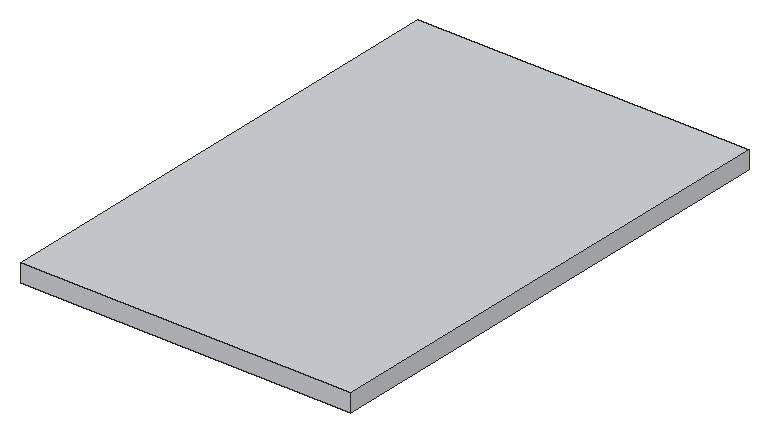
Revit family "RUFO2 360xWSxZ0250xx", category Leuchten, Revit 2020
Family settings
  Basisbauteil = Fläche
  Bemaßung runder Anschluss = Durchmesser verwenden
  Teiletyp = Normal
  OmniClass-Nummer = 23.80.70.11
  OmniClass-Titel = Luminaries for Internal Lighting
  Beim Laden mit Abzugskörper schneiden = Nein
  Lichtquelle = Ja
  Gemeinsam genutzt = Nein
  Raumberechnungspunkt = Nein
Parameters (values of type "RUFO2 360NDWS830Z0250-IK-2K")
  width = 360 mm  # constant formula
  weight = "1,5 kg"
  voltage type (AC, DC, UC) = "AC"
  rated input power = 17  # constant formula
  product name = "RUFO2 360NDWS830Z0250-IK-2K"
  nominal voltage = "230"
  nominal frequency = "50-60Hz"
  length = 360 mm  # constant formula
  ingress protection (IP) code = "IP40"
  height = 70 mm  # constant formula
  electrical safety class = "1"
  control gear = ""
  conformity mark = "CE"  # constant formula
  brand = "RIDI"
  approval mark = ""
  built-in parameter 1150104 = 13.8 (stored number, unit not read)
  Wattage = 15.6858 W
  Von Kreisdurchmesser aussenden = 360 mm
  Default Elevation = 0 mm
  built-in parameter 1150113 = 1 (stored number, unit not read)
  built-in parameter 1114218 = 1 (stored number, unit not read)
  URL = "www.ridi.de"
  built-in parameter 1150134 = (empty or 0)
  built-in parameter 1150109 = 1 (stored number, unit not read)
  built-in parameter 1150110 = 1 (stored number, unit not read)
  Apparent Load = 17 VA  # constant formula
  Tilt Angle = 90.00°
  Modell = "0420886"
  built-in parameter 1114217 = 1 (stored number, unit not read)
  built-in parameter 1150139 = (empty or 0)
  built-in parameter 1150105 = 185.42 (stored number, unit not read)
  built-in parameter 1150114 = 1 (stored number, unit not read)
  Lumens = 2330 lm
  built-in parameter 1150115 = 1 (stored number, unit not read)
  built-in parameter 1150112 = 1 (stored number, unit not read)
  Lampe = "LED"
  Hersteller = "RIDI Leuchten GmbH"  # constant formula
  Dimming Lamp Color Temperature Shift = (empty or 0)
  Color Filter = 16777215
  built-in parameter 1150133 = 10 (stored number, unit not read)
  Emit Shape Visible in Rendering = no
  built-in parameter 1150137 = (empty or 0)
  built-in parameter 1150132 = 2
  Datei für fotometrisches Netz = "RUFO2_360_Z.IES"
  Copyright = "© RIDI. All rights reserved."  # constant formula
  built-in parameter 1150106 = 1.8542 (stored number, unit not read)
  Baugruppenkennzeichen = "D5020200"
  built-in parameter 1150107 = 3000 (stored number, unit not read)
  built-in parameter 1150102 = (empty or 0)
  built-in parameter 1150138 = (empty or 0)
Types (19, lengths in mm): name | weight | product name | Wattage | built-in parameter 1150134 | Modell | built-in parameter 1150105 | Lumens | built-in parameter 1150106 | built-in parameter 1150107
  (no name) | "1,5 kg" | "RUFO2 360NDWS830Z0250-IK-2K" | 15.6858 W | (empty or 0) | "0420886" | 185.42 (stored number, unit not read) | 2330 lm | 1.8542 (stored number, unit not read) | 3000 (stored number, unit not read)
  RUFO2 360NDWS840Z0250 | "1,4 kg" | "RUFO2 360NDWS840Z0250" | 16.359 W | 12 | "0420867" | 193.37 (stored number, unit not read) | 2430 lm | 1.9337 (stored number, unit not read) | 4000 (stored number, unit not read)
  RUFO2 360NDWS840Z0250-RS | "1,45 kg" | "RUFO2 360NDWS840Z0250-RS" | 16.359 W | 12 | "0420867//396" | 193.37 (stored number, unit not read) | 2430 lm | 1.9337 (stored number, unit not read) | 4000 (stored number, unit not read)
  RUFO2 360NDWS840Z0250-2K | "1,5 kg" | "RUFO2 360NDWS840Z0250-2K" | 16.359 W | 12 | "0420868" | 193.37 (stored number, unit not read) | 2430 lm | 1.9337 (stored number, unit not read) | 4000 (stored number, unit not read)
  RUFO2 360NDWS830Z0250 | "1,4 kg" | "RUFO2 360NDWS830Z0250" | 15.6858 W | (empty or 0) | "0420873" | 185.42 (stored number, unit not read) | 2330 lm | 1.8542 (stored number, unit not read) | 3000 (stored number, unit not read)
  RUFO2 360NDWS830Z0250-RS | "1,45 kg" | "RUFO2 360NDWS830Z0250-RS" | 15.6858 W | (empty or 0) | "0420873//396" | 185.42 (stored number, unit not read) | 2330 lm | 1.8542 (stored number, unit not read) | 3000 (stored number, unit not read)
  RUFO2 360NDWS830Z0250-2K | "1,5 kg" | "RUFO2 360NDWS830Z0250-2K" | 15.6858 W | (empty or 0) | "0420874" | 185.42 (stored number, unit not read) | 2330 lm | 1.8542 (stored number, unit not read) | 3000 (stored number, unit not read)
  RUFO2 360NDWS840Z0250-IK | "1,4 kg" | "RUFO2 360NDWS840Z0250-IK" | 16.359 W | 12 | "0420879" | 193.37 (stored number, unit not read) | 2430 lm | 1.9337 (stored number, unit not read) | 4000 (stored number, unit not read)
  RUFO2 360NDWS840Z0250-IK-EDS3 | "1,26 kg" | "RUFO2 360NDWS840Z0250-IK-EDS3" | 16.359 W | 12 | "0420879//377" | 193.37 (stored number, unit not read) | 2430 lm | 1.9337 (stored number, unit not read) | 4000 (stored number, unit not read)
  RUFO2 360NDWS840Z0250-IK-RS | "1,45 kg" | "RUFO2 360NDWS840Z0250-IK-RS" | 16.359 W | 12 | "0420879//396" | 193.37 (stored number, unit not read) | 2430 lm | 1.9337 (stored number, unit not read) | 4000 (stored number, unit not read)
  RUFO2 360NDWS840Z0250-IK-2K | "1,5 kg" | "RUFO2 360NDWS840Z0250-IK-2K" | 16.359 W | 12 | "0420880" | 193.37 (stored number, unit not read) | 2430 lm | 1.9337 (stored number, unit not read) | 4000 (stored number, unit not read)
  RUFO2 360NDWS830Z0250-IK | "1,4 kg" | "RUFO2 360NDWS830Z0250-IK" | 15.6858 W | (empty or 0) | "0420885" | 185.42 (stored number, unit not read) | 2330 lm | 1.8542 (stored number, unit not read) | 3000 (stored number, unit not read)
  RUFO2 360NDWS830Z0250-IK-EDS3 | "1,26 kg" | "RUFO2 360NDWS830Z0250-IK-EDS3" | 15.6858 W | (empty or 0) | "0420885//377" | 185.42 (stored number, unit not read) | 2330 lm | 1.8542 (stored number, unit not read) | 3000 (stored number, unit not read)
  RUFO2 360NDWS830Z0250-IK-RS | "1,45 kg" | "RUFO2 360NDWS830Z0250-IK-RS" | 15.6858 W | (empty or 0) | "0420885//396" | 185.42 (stored number, unit not read) | 2330 lm | 1.8542 (stored number, unit not read) | 3000 (stored number, unit not read)
  RUFO2 360NDWS830Z0250-IK-2K | "1,5 kg" | "RUFO2 360NDWS830Z0250-IK-2K" | 15.6858 W | (empty or 0) | "0420886" | 185.42 (stored number, unit not read) | 2330 lm | 1.8542 (stored number, unit not read) | 3000 (stored number, unit not read)
  RUFO2 360DAWS840Z0250 | "1,45 kg" | "RUFO2 360DAWS840Z0250" | 16.359 W | 12 | "0430867" | 193.37 (stored number, unit not read) | 2430 lm | 1.9337 (stored number, unit not read) | 4000 (stored number, unit not read)
  RUFO2 360DAWS830Z0250 | "1,45 kg" | "RUFO2 360DAWS830Z0250" | 15.6858 W | (empty or 0) | "0430873" | 185.42 (stored number, unit not read) | 2330 lm | 1.8542 (stored number, unit not read) | 3000 (stored number, unit not read)
  RUFO2 360DAWS840Z0250-IK | "1,45 kg" | "RUFO2 360DAWS840Z0250-IK" | 16.359 W | 12 | "0430879" | 193.37 (stored number, unit not read) | 2430 lm | 1.9337 (stored number, unit not read) | 4000 (stored number, unit not read)
  RUFO2 360DAWS830Z0250-IK | "1,45 kg" | "RUFO2 360DAWS830Z0250-IK" | 15.6858 W | (empty or 0) | "0430885" | 185.42 (stored number, unit not read) | 2330 lm | 1.8542 (stored number, unit not read) | 3000 (stored number, unit not read)
Reference planes
  plane 1 "Mitte (Vorne/hinten)": y = 0
  plane 2: z = 0
  plane 3 "Mitte (Links/rechts)": x = 0
Forms (mm)
  Extrusion 1, solid
    sketch origin (219.2, 280.8, 0) x (1, 0, 0) y (0, 1, 0)
      loop
        line (-1219.2, 1219.2) -> (-1219.2, -1780.8) -> (780.8, -1780.8) -> (780.8, 1219.2) -> (-1219.2, 1219.2)
    from 0 to -107.307
Dimensions and locks
  aligned and locked: plane 2 to Extrusion 1
  aligned and locked: imposter light to plane 3 "Mitte (Links/rechts)"
  aligned and locked: imposter light to import instance
  aligned and locked: import instance to Extrusion 1
Connectors
  electrical at (-56.569, -21.213, 4.25), driven by "Apparent Load"
    settings: on import instance, index 1, voltage 230 V, apparent load 0 VA, apparent load phase1 17 VA, apparent load phase2 0 VA, apparent load phase3 0 VA, power factor 1, load classification "Lighting", number of poles 1, system type 31, power factor state 1, is connector primary yes, connector utility no, sub classification motor no, connector description ""
